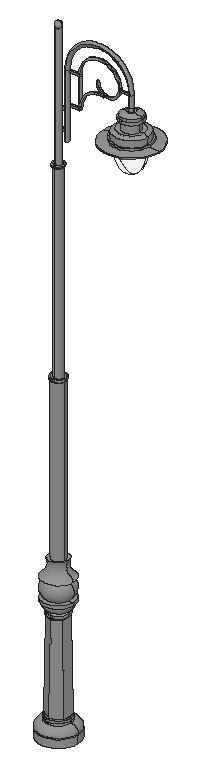
Revit family "svetilnik_alfresco_elegant-1-8_i_1-10", category Lighting Fixtures, Revit 2016 (continued)
Definition of nested family "Элегант"
  Types (2, lengths in mm): name | Photometric Web File | built-in parameter 1150105 | Lumens | built-in parameter 1150106 | built-in parameter 1150142 | Wattage
       14.835\r\n20.91 30.21 39.525 60.675 81.825 110.82 139.815 177.345 214.89 308.52 402.165 533.235 664.305 706.875 749.445 730.635 711.81 805.83 899.835 812.37 724.92 717.57 710.235 652.725 595.215 480.87 366.51 271.815 177.105 146.415 115.74 91.56 67.38 48.315 29.25 \r\n22.065 14.895\r\n21.00 30.255 39.525 60.84 82.155 110.625 139.11 178.635 218.145 312.30 406.455 512.19 617.94 698.22 778.50 776.145 773.775 747.915 722.04 723.825 725.61 749.805 774.00 684.045 594.105 479.025 363.96 270.33 176.70 146.655 116.61 92.055 67.515 48.33 29.145 \r\n22.035 14.925\r\n21.15 30.39 39.63 61.065 82.50 111.165 139.845 181.95 224.04 311.175 398.31 519.60 640.905 721.035 801.165 821.565 841.965 876.42 910.875 895.545 880.215 835.395 790.575 715.86 641.16 498.855 356.55 267.69 178.815 147.57 116.31 92.01 67.725 48.42 29.13 \r\n22.08 15.045\r\n21.42 30.555 39.705 61.23 82.77 112.035 141.30 180.405 219.525 308.10 396.69 545.865 695.055 763.62 832.185 835.695 839.205 904.275 969.36 934.755 900.165 855.825 811.50 722.55 633.60 496.965 360.315 269.175 178.035 147.48 116.925 92.37 67.815 48.48 \r\n29.145 22.20 15.24\r\n21.675 30.705 39.72 61.41 83.115 112.17 141.225 179.235 217.245 316.635 416.01 557.43 698.85 803.385 907.92 898.23 888.555 905.505 922.47 915.555 908.655 897.885 887.13 757.77 628.41 506.895 385.38 280.515 175.65 145.755 115.875 91.95 68.025 48.60 29.19 \r\n22.335 15.495\r\n21.93 30.84 39.75 61.335 82.935 111.21 139.485 178.77 218.07 322.605 427.14 560.52 693.90 794.835 895.785 967.11 1038.4351 1094.415 1150.395 1106.325 1062.24 982.83 903.42 768.705 633.99 508.545 383.10 278.16 173.235 144.015 114.81 91.29 67.755 48.555 \r\n29.34 22.515 15.705\r\n22.20 31.005 39.825 60.93 82.035 109.86 137.67 178.575 219.465 320.145 420.825 570.105 719.40 829.17 938.94 998.85 1058.745 1107.15 1155.5551 1121.25 1086.9301 1007.34 927.765 798.45 669.135 507.57 346.005 258.135 170.265 141.555 112.83 89.88 66.93 48.225\r\n 29.505 22.725 15.945\r\n22.365 31.125 39.87 60.405 80.955 109.455 137.94 177.135 216.33 308.505 400.665 574.65 748.62 855.915 963.21 1032.63 1102.05 1151.16 1200.27 1170.78 1141.3051 1044.825 948.345 811.89 675.42 512.805 350.19 258.885 167.595 139.395 111.21 88.695 66.18 47.955\r\n 29.73 22.95 16.17\r\n22.50 31.23 39.945 60.06 80.16 109.455 138.75 177.255 215.76 312.675 409.59 584.61 759.63 882.51 1005.39 1061.88 1118.37 1155.99 1193.625 1169.5649 1145.505 1071.00 996.51 837.99 679.47 520.59 361.71 263.415 165.105 138.06 111.015 88.32 65.64 47.775 29.91\r\n 23.19 16.455\r\n22.62 31.32 40.035 59.82 79.59 108.435 137.265 178.485 219.69 325.245 430.80 596.355 761.91 910.23 1058.55 1124.01 1189.455 1231.005 1272.5551 1237.755 1202.97 1110.12 1017.285 863.85 710.43 542.355 374.295 268.98 163.68 136.635 109.605 87.405 65.205 \r\n47.64 30.075 23.37 16.68\r\n22.71 31.32 39.93 59.535 79.125 107.895 136.665 178.26 219.855 327.645 435.45 622.125 808.815 929.49 1050.1801 1133.205 1216.245 1242.615 1268.985 1250.955 1232.925 1129.3051 1025.6851 879.84 733.995 546.105 358.20 259.215 160.215 134.325 108.42 86.52 \r\n64.62 47.265 29.91 23.385 16.86\r\n22.755 31.245 39.735 59.04 78.345 107.145 135.96 177.00 218.025 325.725 433.41 635.01 836.595 951.855 1067.115 1153.41 1239.705 1268.985 1298.28 1277.25 1256.235 1178.8199 1101.42 930.375 759.33 558.84 358.365 257.175 156.00 131.325 106.665 85.215 63.78 \r\n46.725 29.67 23.325 16.98\r\n22.83 31.185 39.555 58.80 78.06 107.28 136.50 177.30 218.10 327.855 437.595 644.04 850.485 1004.16 1157.835 1217.4301 1277.01 1306.59 1336.155 1313.9399 1291.725 1213.005 1134.30 957.87 781.425 572.22 363.00 258.735 154.455 130.245 106.05 84.435 62.82 \r\n46.20 29.565 23.37 17.16\r\n22.935 31.185 39.45 58.485 77.505 107.34 137.16 179.76 222.36 332.295 442.245 663.795 885.36 1031.4301 1177.50 1250.025 1322.5649 1338.1949 1353.825 1330.365 1306.89 1229.775 1152.645 960.045 767.46 566.88 366.30 260.025 153.765 129.285 104.79 83.52 \r\n62.235 45.945 29.64 23.49 17.325\r\n23.025 31.185 39.33 58.32 77.325 106.425 135.54 180.69 225.84 339.105 452.355 669.24 886.125 1043.76 1201.395 1283.64 1365.87 1387.455 1409.0551 1386.48 1363.905 1264.725 1165.53 990.09 814.635 596.745 378.87 265.245 151.635 127.05 102.48 82.05 61.62 \r\n45.615 29.625 23.565 17.505\r\n23.13 31.185 39.225 57.945 76.65 106.005 135.36 181.545 227.73 347.94 468.165 693.465 918.765 1066.89 1215.015 1316.49 1417.95 1424.925 1431.90 1422.825 1413.75 1323.00 1232.265 1031.6851 831.105 601.74 372.375 261.00 149.625 124.905 100.185 80.745 61.29 \r\n45.405 29.535 23.61 17.67\r\n23.325 31.14 38.955 57.60 76.26 106.65 137.04 183.69 230.355 348.225 466.11 709.74 953.37 1110.285 1267.215 1348.875 1430.55 1449.045 1467.5551 1446.915 1426.275 1352.73 1279.17 1067.955 856.725 620.415 384.09 267.975 151.86 126.015 100.185 80.31 60.435 \r\n44.985 29.535 23.715 17.895\r\n23.55 31.14 38.715 57.09 75.465 106.80 138.15 185.265 232.395 361.815 491.235 741.495 991.77 1160.55 1329.3149 1420.89 1512.48 1512.54 1512.60 1494.375 1476.165 1397.88 1319.58 1114.59 909.585 653.985 398.385 273.795 149.205 123.72 98.25 78.855 59.46 \r\n44.415 29.37 23.745 18.105\r\n23.685 31.17 38.655 57.075 75.495 107.58 139.68 187.155 234.645 367.17 499.68 765.015 1030.35 1197.63 1364.895 1444.725 1524.5551 1528.365 1532.1899 1523.37 1514.55 1426.11 1337.67 1135.65 933.615 671.46 409.29 278.145 147.015 122.205 97.41 78.195 58.965 \r\n44.13 29.28 23.79 18.315\r\n23.76 31.14 38.52 57.015 75.525 107.46 139.41 190.50 241.59 378.195 514.80 776.055 1037.325 1212.9449 1388.5649 1492.9351 1597.3199 1584.72 1572.135 1569.21 1566.30 1474.29 1382.295 1171.515 960.735 688.11 415.47 282.42 149.385 122.235 95.10 76.77 58.425 \r\n43.665 28.905 23.655 18.42\r\n23.88 31.14 38.40 56.79 75.165 107.73 140.295 193.65 246.99 387.15 527.31 801.915 1076.52 1267.395 1458.285 1538.67 1619.0551 1630.515 1641.975 1623.075 1604.175 1521.51 1438.86 1233.90 1028.9399 722.49 416.025 282.405 148.80 120.915 93.015 75.435 57.855 \r\n43.305 28.74 23.67 18.60\r\n24.00 31.065 38.13 56.625 75.135 108.165 141.195 195.90 250.59 395.505 540.42 838.125 1135.83 1327.095 1518.375 1594.005 1669.635 1668.9449 1668.255 1659.75 1651.26 1581.09 1510.9351 1277.37 1043.8199 739.785 435.75 292.185 148.605 120.345 92.085 74.46 \r\n56.835 42.66 28.50 23.64 18.78\r\n24.045 30.72 37.395 56.535 75.66 109.455 143.25 199.455 255.66 406.575 557.49 856.305 1155.105 1375.215 1595.34 1666.995 1738.65 1734.735 1730.8051 1726.425 1722.03 1638.0601 1554.075 1313.265 1072.47 757.56 442.65 295.53 148.425 119.205 90.00 73.26 56.52\r\n 42.36 28.185 23.565 18.945\r\n23.85 30.63 37.395 56.73 76.065 111.27 146.49 205.305 264.135 416.565 568.995 879.03 1189.05 1417.455 1645.86 1732.005 1818.135 1806.9301 1795.725 1803.75 1811.76 1718.5649 1625.37 1349.745 1074.12 770.145 466.155 308.565 150.96 120.495 90.03 72.96 55.89 \r\n42.015 28.125 23.64 19.17\r\n23.97 30.75 37.545 57.30 77.055 113.85 150.645 210.93 271.20 425.355 579.495 898.125 1216.755 1449.675 1682.58 1785.765 1888.95 1879.6801 1870.425 1851.855 1833.285 1752.42 1671.5699 1411.755 1151.955 810.90 469.86 310.56 151.275 120.105 88.935 72.36 \r\n55.785 41.865 27.945 23.70 19.455\r\n24.135 30.885 37.635 57.885 78.12 116.115 154.11 216.00 277.89 422.49 567.075 933.345 1299.63 1514.1899 1728.735 1831.335 1933.92 1948.92 1963.92 1948.3051 1932.705 1836.975 1741.245 1472.55 1203.855 822.255 440.64 295.71 150.78 120.12 89.475 72.465 \r\n55.455 41.55 27.63 23.61 19.59\r\n24.465 31.455 38.43 58.89 79.35 118.995 158.625 222.345 286.08 426.99 567.90 952.485 1337.0699 1584.015 1830.975 1913.265 1995.5551 2002.92 2010.285 1986.975 1963.65 1868.52 1773.39 1494.45 1215.51 831.87 448.215 299.955 151.695 120.765 89.82 72.51 55.20 \r\n41.355 27.525 23.73 19.935\r\n25.20 32.175 39.15 59.97 80.79 121.965 163.125 229.11 295.095 450.66 606.24 981.00 1355.775 1637.205 1918.635 1980.48 2042.34 2062.6499 2082.96 2056.02 2029.095 1924.755 1820.415 1541.385 1262.37 869.295 476.205 316.425 156.63 124.365 92.10 73.89 55.665 \r\n41.70 27.735 23.955 20.16\r\n25.59 32.73 39.885 61.635 83.40 126.435 169.455 238.005 306.54 466.83 627.105 981.81 1336.53 1679.325 2022.105 2079.5249 2136.9299 2137.9951 2139.075 2120.9551 2102.835 2024.49 1946.145 1605.615 1265.085 878.85 492.615 327.975 163.32 128.25 93.195 75.105 \r\n57.015 42.585 28.155 24.36 20.55\r\n26.205 33.54 40.89 64.005 87.135 131.385 175.65 248.01 320.385 486.165 651.96 984.45 1316.9399 1698.615 2080.29 2156.3701 2232.45 2233.74 2235.0449 2218.4399 2201.835 2110.6951 2019.54 1625.37 1231.20 865.395 499.59 334.665 169.755 132.18 94.605 76.485 \r\n58.365 43.605 28.845 24.975 21.12\r\n26.925 34.65 42.36 66.36 90.375 136.11 181.845 256.485 331.14 500.19 669.255 1017.96 1366.6801 1760.73 2154.7649 2235.3301 2315.895 2329.3049 2342.7151 2301.6001 2260.50 2171.6399 2082.7949 1637.625 1192.455 859.875 527.295 352.065 176.85 136.545 96.24 \r\n77.76 59.28 44.625 29.97 25.86 21.765\r\n27.84 35.91 43.995 69.39 94.77 142.35 189.93 268.80 347.67 535.395 723.12 1060.80 1398.465 1770.60 2142.7351 2269.365 2395.98 2388.855 2381.73 2362.8899 2344.05 2192.0249 2040.00 1636.47 1232.955 897.27 561.585 375.24 188.88 144.03 99.195 79.74 60.30 \r\n45.39 30.495 26.43 22.38\r\n28.845 37.41 45.96 72.375 98.775 148.515 198.255 279.84 361.425 563.985 766.545 1106.145 1445.73 1778.625 2111.52 2268.27 2425.02 2443.50 2461.98 2408.97 2355.9451 2177.835 1999.74 1631.1899 1262.64 930.39 598.14 399.195 200.25 150.555 100.86 81.075 \r\n61.305 46.245 31.185 27.09 23.01\r\n29.91 38.865 47.82 76.05 104.265 155.31 206.355 290.325 374.31 581.97 789.63 1139.10 1488.5699 1801.05 2113.5449 2256.0601 2398.575 2416.7251 2434.875 2368.875 2302.875 2139.0149 1975.155 1659.135 1343.115 978.24 613.35 413.145 212.94 157.395 101.85 \r\n82.155 62.445 47.205 31.965 27.765 23.55\r\n31.11 40.50 49.89 79.83 109.785 163.575 217.365 301.44 385.515 606.345 827.175 1206.8101 1586.4449 1884.585 2182.71 2269.0349 2355.3601 2366.8501 2378.355 2314.7849 2251.2151 2116.365 1981.50 1673.265 1365.015 1000.38 635.745 428.94 222.15 163.725 105.30 \r\n84.75 64.185 48.48 32.76 28.50 24.255\r\n32.43 42.375 52.32 83.865 115.41 172.845 230.28 312.39 394.50 622.815 851.115 1230.96 1610.8051 1936.08 2261.3401 2310.99 2360.6399 2360.55 2360.46 2320.6499 2280.8401 2168.04 2055.2251 1728.51 1401.795 1036.845 671.88 447.15 222.405 166.065 109.725 \r\n87.855 66.00 49.785 33.555 29.19 24.825\r\n33.99 44.475 54.96 88.65 122.34 182.37 242.415 321.285 400.155 638.97 877.785 1249.245 1620.705 1960.53 2300.3701 2375.49 2450.6101 2399.895 2349.1799 2326.23 2303.28 2189.4451 2075.595 1758.675 1441.755 1061.55 681.345 449.97 218.61 166.215 113.82 90.21 \r\n66.585 50.655 34.71 30.24 25.755\r\n35.745 46.68 57.615 93.60 129.585 192.105 254.61 330.45 406.29 641.70 877.095 1271.625 1666.14 1995.135 2324.1299 2385.3149 2446.50 2452.9199 2459.3401 2422.905 2386.47 2244.54 2102.595 1782.255 1461.90 1072.20 682.485 447.93 213.36 165.81 118.26 92.505 \r\n66.735 51.015 35.295 31.125 26.94\r\n37.575 49.38 61.17 99.375 137.58 201.51 265.455 339.405 413.355 638.835 864.30 1263.015 1661.73 2003.3101 2344.8899 2419.3799 2493.8701 2475.375 2456.8799 2421.675 2386.47 2264.70 2142.915 1802.5649 1462.215 1075.29 688.365 447.825 207.285 164.355 121.44 \r\n95.04 68.655 52.515 36.375 32.025 27.66\r\n39.825 52.425 65.025 105.51 145.98 212.34 278.685 348.75 418.83 630.03 841.23 1239.90 1638.585 1987.3051 2336.0249 2427.99 2519.9399 2510.04 2500.1399 2454.9751 2409.825 2258.1001 2106.375 1765.995 1425.63 1051.6949 677.775 437.895 198.015 160.95 123.87 \r\n97.17 70.47 54.06 37.635 33.21 28.785\r\n42.03 56.01 69.99 112.455 154.905 221.805 288.705 355.35 421.995 603.075 784.155 1196.145 1608.15 1931.46 2254.7849 2358.135 2461.50 2465.01 2468.52 2419.29 2370.0449 2223.3899 2076.7351 1741.905 1407.0601 1019.88 632.70 410.685 188.685 157.395 126.105 \r\n99.615 73.125 56.67 40.215 35.175 30.135\r\n44.49 60.12 75.735 118.965 162.195 230.94 299.685 363.765 427.83 572.355 716.865 1130.01 1543.14 1864.53 2185.9199 2294.355 2402.7749 2422.5149 2442.24 2368.5149 2294.79 2153.595 2012.415 1674.075 1335.735 956.70 577.665 381.36 185.07 155.745 126.405 \r\n100.17 73.95 58.65 43.365 37.53 31.71\r\n47.625 64.50 81.375 126.18 170.97 240.39 309.81 370.29 430.77 534.975 639.18 1042.875 1446.585 1750.98 2055.375 2176.845 2298.3149 2316.21 2334.1201 2257.155 2180.1899 2049.825 1919.46 1582.605 1245.75 860.25 474.75 330.255 185.76 157.56 129.345 103.185 \r\n77.025 61.935 46.86 40.035 33.225\r\n51.075 69.165 87.27 132.885 178.50 246.66 314.835 375.72 436.62 508.035 579.435 926.835 1274.25 1586.085 1897.92 2008.05 2118.1951 2140.0049 2161.8301 2098.4399 2035.035 1896.885 1758.735 1429.455 1100.175 736.365 372.57 280.065 187.56 158.40 129.24 \r\n104.40 79.56 65.10 50.64 42.87 35.085\r\n54.585 74.01 93.45 138.525 183.615 250.935 318.27 376.65 435.03 490.215 545.385 791.94 1038.48 1359.27 1680.0601 1781.10 1882.155 1920.495 1958.835 1870.74 1782.66 1658.415 1534.1851 1229.475 924.765 620.445 316.11 252.48 188.85 160.32 131.775 106.245 \r\n80.70 66.795 52.875 44.835 36.795\r\n58.125 78.855 99.585 145.47 191.355 257.37 323.40 377.145 430.875 480.00 529.125 655.275 781.44 1089.1801 1396.92 1494.135 1591.35 1619.235 1647.105 1573.35 1499.58 1387.02 1274.46 966.285 658.095 465.045 271.98 229.425 186.87 159.225 131.58 106.575 81.57\r\n 68.79 55.995 47.55 39.09\r\n62.985 84.60 106.215 151.50 196.785 260.43 324.06 374.94 425.805 469.245 512.67 578.43 644.175 853.845 1063.515 1175.91 1288.3199 1293.585 1298.85 1240.005 1181.175 1078.995 976.83 720.315 463.80 357.855 251.895 220.20 188.52 161.91 135.315 111.18 87.045 \r\n74.04 61.02 51.345 41.67\r\n68.76 91.62 114.465 157.65 200.835 260.565 320.31 370.455 420.585 458.415 496.245 536.01 575.79 661.485 747.195 841.935 936.675 953.895 971.115 917.775 864.435 820.995 777.555 574.605 371.655 308.70 245.745 217.965 190.185 162.705 135.225 113.07 90.915 \r\n78.36 65.805 55.815 45.825\r\n75.855 98.76 121.68 161.58 201.48 256.80 312.105 360.51 408.915 444.72 480.51 509.76 539.01 572.715 606.435 635.265 664.11 659.85 655.605 619.275 582.96 580.62 578.28 449.415 320.535 281.67 242.79 215.52 188.25 161.385 134.505 114.165 93.81 82.755 71.685 \r\n61.20 50.70\r\n83.16 104.475 125.805 164.07 202.335 252.405 302.475 347.64 392.79 425.955 459.105 482.505 505.89 524.085 542.295 534.75 527.205 531.69 536.175 493.425 450.675 415.35 380.01 338.25 296.475 268.995 241.515 215.37 189.225 161.79 134.355 116.625 98.895 \r\n86.835 74.775 65.445 56.13\r\n89.955 111.615 133.275 168.195 203.115 246.36 289.605 332.715 375.825 406.47 437.10 455.13 473.16 475.785 478.395 466.32 454.23 435.75 417.285 407.085 396.90 371.895 346.89 319.29 291.69 266.22 240.75 215.295 189.84 162.645 135.45 120.585 105.72 93.33 \r\n80.925 71.28 61.62\r\n96.495 118.29 140.07 170.97 201.855 240.495 279.135 315.27 351.42 381.015 410.61 426.045 441.48 441.705 441.915 422.775 403.635 392.73 381.825 374.10 366.375 350.445 334.50 309.375 284.25 261.90 239.535 214.125 188.70 164.535 140.385 126.33 112.26 100.47 \r\n88.665 78.555 68.43\r\n106.215 126.885 147.555 173.235 198.915 232.095 265.275 296.085 326.895 355.215 383.55 396.255 408.975 407.64 406.305 393.075 379.83 370.395 360.96 358.185 355.41 342.435 329.475 306.39 283.305 260.61 237.93 212.715 187.485 164.745 141.99 128.895 115.785 \r\n105.69 95.595 85.155 74.715\r\n111.24 133.53 155.835 176.97 198.12 225.09 252.075 275.91 299.745 328.035 356.31 366.975 377.64 378.765 379.905 369.81 359.73 353.82 347.91 345.33 342.765 335.61 328.44 303.075 277.695 257.85 238.02 208.65 179.295 162.105 144.90 133.605 122.295 111.93 \r\n101.55 91.80 82.05\r\n119.895 139.11 158.325 178.80 199.29 220.305 241.335 259.215 277.08 303.60 330.105 339.54 348.975 354.51 360.045 352.965 345.885 342.705 339.525 336.72 333.915 326.925 319.92 298.245 276.57 254.31 232.035 204.795 177.54 163.125 148.695 137.445 126.195 \r\n117.36 108.525 98.01 87.48\r\n122.58 142.755 162.93 181.71 200.475 217.845 235.20 249.615 264.015 285.42 306.825 319.035 331.245 337.17 343.095 338.79 334.47 333.015 331.545 329.115 326.67 319.59 312.495 296.49 280.50 252.45 224.415 200.835 177.24 163.245 149.25 142.11 134.97 124.755 \r\n114.54 104.82 95.115\r\n122.58 144.375 166.185 182.805 199.425 214.53 229.65 243.24 256.83 268.65 280.455 296.61 312.765 320.775 
      328.80 328.335 327.87 325.32 322.755 320.235 317.70 311.175 304.635 291.84 279.045 246.27 213.495 198.27 183.06 170.895 158.73 150.27 141.81 132.225 \r\n122.64 111.78 100.92\r\n130.05 148.86 167.67 183.525 199.395 213.12 226.86 239.31 251.775 257.955 264.15 281.55 298.965 305.76 312.555 313.305 314.04 313.125 312.21 310.14 308.055 300.855 293.67 276.63 259.605 237.12 214.62 197.955 181.29 171.225 161.145 154.155 147.15 138.18 \r\n129.21 118.35 107.475\r\n136.425 154.32 172.23 188.385 204.54 216.18 227.82 235.68 243.555 253.005 262.455 271.095 279.735 286.68 293.61 295.725 297.84 297.30 296.76 294.24 291.72 284.49 277.26 263.49 249.72 235.035 220.35 204.42 188.505 176.88 165.255 157.005 148.77 142.575 \r\n136.38 124.635 112.905\r\n141.12 159.495 177.855 191.04 204.225 214.065 223.89 233.58 243.27 251.565 259.86 265.005 270.15 273.585 277.02 278.025 279.045 277.80 276.555 274.785 273.015 267.735 262.44 251.13 239.82 228.33 216.84 207.30 197.745 185.40 173.04 163.50 153.96 145.11 \r\n136.245 124.575 112.92\r\n148.695 166.005 183.315 197.07 210.84 222.765 234.69 242.43 250.17 251.625 253.095 255.075 257.07 261.39 265.71 263.43 261.15 260.82 260.49 259.245 258.00 256.23 254.46 245.055 235.65 226.11 216.57 207.915 199.26 192.075 184.875 175.14 165.42 155.595 \r\n145.785 133.47 121.14\r\n156.675 174.795 192.93 206.355 219.765 228.735 237.705 240.99 244.275 243.33 242.385 245.52 248.655 250.65 252.645 252.495 252.345 253.26 254.16 252.15 250.125 247.44 244.77 237.24 229.725 218.655 207.585 202.53 197.475 192.615 187.755 179.055 170.355 \r\n162.015 153.675 140.46 127.23\r\n158.055 174.81 191.565 204.015 216.465 222.33 228.21 234.87 241.545 240.255 238.965 238.50 238.05 242.205 246.345 244.95 243.555 243.255 242.955 242.625 242.28 238.95 235.605 226.65 217.695 211.365 205.035 200.91 196.785 190.095 183.39 176.40 169.41 \r\n161.385 153.36 140.925 128.475\r\n154.935 170.88 186.84 197.52 208.185 214.98 221.775 225.75 229.71 230.355 231.00 229.11 227.22 229.20 231.18 231.165 231.135 230.67 230.205 230.46 230.715 227.625 224.55 218.13 211.725 206.865 202.005 196.65 191.28 185.55 179.82 172.995 166.17 158.535 \r\n150.915 136.83 122.745\r\n138.525 151.80 165.075 178.515 191.955 202.065 212.175 214.83 217.50 218.88 220.26 221.565 222.87 222.90 222.945 223.605 224.265 222.93 221.595 221.025 220.47 217.68 214.89 209.73 204.555 199.26 193.965 190.185 186.405 181.995 177.585 170.355 163.125 \r\n152.955 142.77 128.13 113.49\r\n124.695 135.165 145.65 156.255 166.86 177.735 188.625 194.85 201.075 205.32 209.58 209.49 209.385 210.63 211.86 211.905 211.95 211.035 210.12 207.885 205.635 204.63 203.61 197.595 191.565 189.825 188.085 184.125 180.165 175.305 170.43 162.12 153.795 \r\n139.89 125.97 111.405 96.84\r\n106.965 118.095 129.225 136.29 143.34 151.62 159.885 165.12 170.34 178.80 187.245 192.66 198.075 198.00 197.91 199.53 201.135 200.775 200.415 197.745 195.06 191.91 188.76 186.00 183.255 180.375 177.51 174.945 172.365 161.805 151.23 140.565 129.90 116.67 \r\n103.425 92.73 82.035\r\n87.645 96.30 104.97 110.235 115.50 122.22 128.94 134.52 140.115 145.92 151.74 156.825 161.91 171.525 181.125 184.23 187.32 186.51 185.715 183.105 180.495 177.33 174.165 169.845 165.51 159.48 153.45 147.075 140.715 131.43 122.145 111.795 101.46 91.41 \r\n81.375 74.64 67.92\r\n74.625 79.275 83.925 86.895 89.85 94.11 98.355 99.66 100.965 104.295 107.625 109.425 111.21 116.355 121.50 125.28 129.075 131.04 133.005 132.075 131.13 128.025 124.92 121.155 117.405 114.42 111.45 104.775 98.085 93.825 89.565 83.04 76.50 71.985 67.47 \r\n62.55 57.63\r\n67.65 65.43 63.195 65.355 67.515 68.55 69.57 69.66 69.75 69.825 69.90 70.11 70.32 70.62 70.92 70.77 70.605 71.31 72.015 71.835 71.64 71.895 72.15 72.405 72.675 72.105 71.52 70.785 70.035 68.385 66.735 66.945 67.14 66.39 65.625 64.83 64.02\r\n" | 80.7853 W
  Reference planes
    plane 1 "По центру (Вперед/Назад)": y = 0
    plane 2: z = 0
    plane 3 "По центру (Влево/Вправо)": x = 0
  Forms (mm)
    Revolve 1, solid
      sketch origin (0, 0, 0) x (1, 0, 0) y (0, 0, 1)
        loop
          line (0, 0) -> (0, -390) -> (350, -390) -> (350, -379.045) -> (235.568, -360.921) -> (235.568, -340.921) -> (210.568, -340.921) -> (210.568, -264.881) -> (160.721, -241.637) -> (105.721, -241.637) -> (105.721, -148.601) -> (141.973, -131.696) -> (141.973, -101.696) -> (126.973, -101.696) -> (126.973, -76.696) -> (59, -45) -> (24, -45) -> (24, 0) -> (0, 0)
        axis (0, 0) -> (0, -390)
      angle from 0 to 360
    Revolve 2, solid
      sketch origin (0, 0, -230) x (1, 0, 0) y (0, 0, 1)
        loop
          line (0, -160) -> (0, -520)
          spline (0, -520) -> (28.115, -514.219) -> (57.687, -499.433) -> (85.472, -479.474) -> (108.77, -457.56) -> (127.652, -433.725) -> (143.086, -406.978) -> (156.04, -376.329) -> (167.476, -340.793) -> (177.929, -300.129) -> (187.097, -255.534) -> (194.586, -208.37) -> (200, -160)
          line (200, -160) -> (0, -160)
        axis (0, -160) -> (0, -520)
      angle from 0 to 360
  Dimensions and locks
    aligned and locked: level to plane 2
    aligned and locked: Revolve 1 sketch curve to plane 3 "По центру (Влево/Вправо)"
    aligned and locked: Revolve 2 sketch curve to plane 3 "По центру (Влево/Вправо)"
    aligned and locked: imposter light to plane 3 "По центру (Влево/Вправо)"
    aligned and locked: imposter light to plane 1 "По центру (Вперед/Назад)"
    aligned and locked: imposter light to Revolve 1
Types (3, lengths in mm): name | Тип светильника | Световой поток | Apparent Load | ADSK_Ток | ADSK_Размер_Высота | ADSK_Полная мощность | ADSK_Номинальная мощность | ADSK_Наименование | ADSK_Масса | ADSK_Артикул
  (no name) | Элегант : Элегант 80Вт | 9600 lm | 82.4742 VA | 0.265082 A | 8000.00 | 82.4742 VA | 80 W | "Элегант-1-8,0 ДСУ 80Вт - св-к Росинка II ДСУ-01-AF (120, 02) на опоре ORD 8,0-1-32 ЧМ" | 314 | "1147000130"
  Элегант-1-8,0 ДСУ 80Вт | Элегант : Элегант 80Вт | 9600 lm | 82.4742 VA | 0.265082 A | 8000.00 | 82.4742 VA | 80 W | "Элегант-1-8,0 ДСУ 80Вт - св-к Росинка II ДСУ-01-AF (120, 02) на опоре ORD 8,0-1-32 ЧМ" | 314 | "1147000130"
  Элегант-1-10,0 ДСУ 100Вт | Элегант : Элегант 100Вт | 12000 lm | 103.093 VA | 0.331353 A | 10000.00 | 103.093 VA | 100 W | "Элегант-1-10,0 ДСУ 100Вт - св-к Росинка II ДСУ-01-AF (120, 02) на опоре ORD 10,0-1-32 ЧМ" | 337 | "1147000140"
